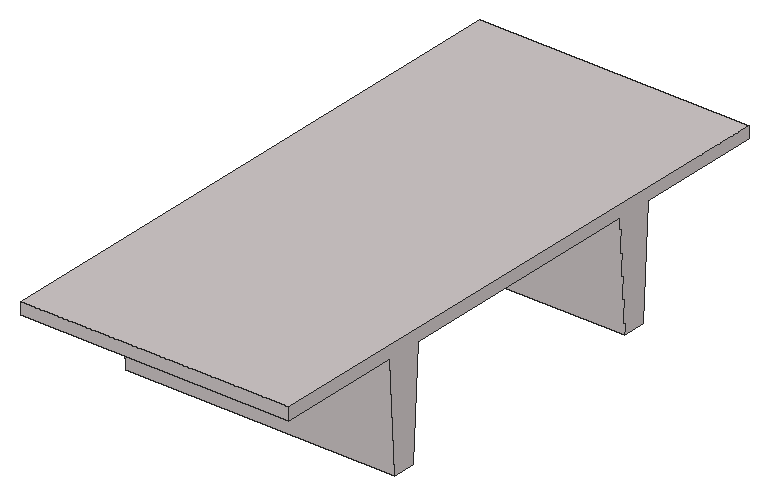
Revit family "M_T duplo pré-moldado", category Quadro estrutural, Revit 2019
Family settings
  Exibir em vistas ocultas = Arestas ocultadas pela própria viga
  Arredondamento do comprimento do framing estrutural = 0 mm
  Forma do corte = Não definido
  Material para o comportamento do modelo = Concreto pré-moldado
  Exportar sempre como geometria = Não
  Número OmniClass = 23.25.30.11.14.14
  Título OmniClass = Beams
  ID de item do Seek = Precast-Double Tee-0000-CAN-ENU
  Sempre na vertical = Sim
  Corte com vazios quando carregada = Não
  Representação simbólica = Da família
  Compartilhado = Não
  Exibir o pré-corte da família na vista da planta = Sim
Parameters (values of type "1200 x 500mm")
  Structural Material [instance] = Concreto - Concreto pré-moldado - 35 MPa
  Assembly Code = ""
  Linear = 500 mm
  Length [instance] = 1524 mm
  Profundidade da laje = 51 mm
  Largura do tronco = 95 mm
  Largura do tirante = 1200 mm
  Largura = 2400 mm
Types (3, lengths in mm): name | Linear
  (no name) | 500
  1200 x 450mm | 450
  1200 x 500mm | 500
Reference planes
  plane 1 "Centro (Frente/Trás)": y = 0
  plane 2: z = 0
  plane 3 "Centro (Esquerda/Direita)": x = 4.61
  plane 4 "Membro esquerdo": x = -557.39
  plane 5 "Membro direito": x = 566.61
  plane 6: y = 1200
  plane 7: y = -1200
  plane 8: z = 250
  plane 9 "Inferior": z = -250
  plane 10 "Esquerda": x = -757.39
  plane 11 "Direita": x = 766.61
Forms (mm)
  Sweep 1, solid, material "Concreto - Concreto pré-moldado - 35 MPa" <- "Structural Material"
    path origin (0, 0, 0) x (1, 0, 0) y (0, 1, 0)
      loop
        line (566.61, 0) -> (-557.39, 0)
    profile "M_Tirante duplo-Perfil : M_Tirante duplo-Perfil" origin (4.61, 0, 0) x (0, -1, 0) y (0, 0, 1)
      loop
        line (-1200, 199) -> (-672.9, 199) -> (-647.5, -250) -> (-552.5, -250) -> (-527.1, 199) -> (527.1, 199) -> (552.5, -250) -> (647.5, -250) -> (672.9, 199) -> (1200, 199) -> (1200, 250) -> (-1200, 250) -> (-1200, 199)
Lines and regions (mm)
  symbolic lines, style "Faces ocultas", detail levels medium+fine
    curve 1: line (-557.39, 647.5, -250) -> (566.61, 647.5, -250)
    curve 2: line (-557.39, 552.5, -250) -> (566.61, 552.5, -250)
    curve 3: line (-557.39, -647.5, -250) -> (566.61, -647.5, -250)
    curve 4: line (-557.39, -552.5, -250) -> (566.61, -552.5, -250)
Dimensions and locks
  "Largura": plane 6 to plane 7
  equal spacing: plane 9 "Inferior", plane 2, plane 8
  equal spacing: plane 6, plane 1 "Centro (Frente/Trás)", plane 7
  "Linear": plane 9 "Inferior" to plane 8
  "Length": plane 10 "Esquerda" to plane 11 "Direita"
  aligned and locked: plane 1 "Centro (Frente/Trás)" to Sweep 1 sketch curve
  aligned and locked: curve 3 to Sweep 1
  aligned and locked: curve 4 to Sweep 1
  aligned and locked: curve 2 to Sweep 1
  aligned and locked: curve 1 to Sweep 1
  aligned and locked: plane 4 "Membro esquerdo" to Sweep 1 sketch curve
  aligned and locked: plane 5 "Membro direito" to Sweep 1 sketch curve
  aligned and locked: plane 4 "Membro esquerdo" to curve 1
  aligned and locked: plane 4 "Membro esquerdo" to curve 2
  aligned and locked: plane 4 "Membro esquerdo" to curve 4
  aligned and locked: plane 4 "Membro esquerdo" to curve 3
  aligned and locked: plane 5 "Membro direito" to curve 4
  aligned and locked: plane 5 "Membro direito" to curve 3
  aligned and locked: plane 5 "Membro direito" to curve 2
  aligned and locked: plane 5 "Membro direito" to curve 1
